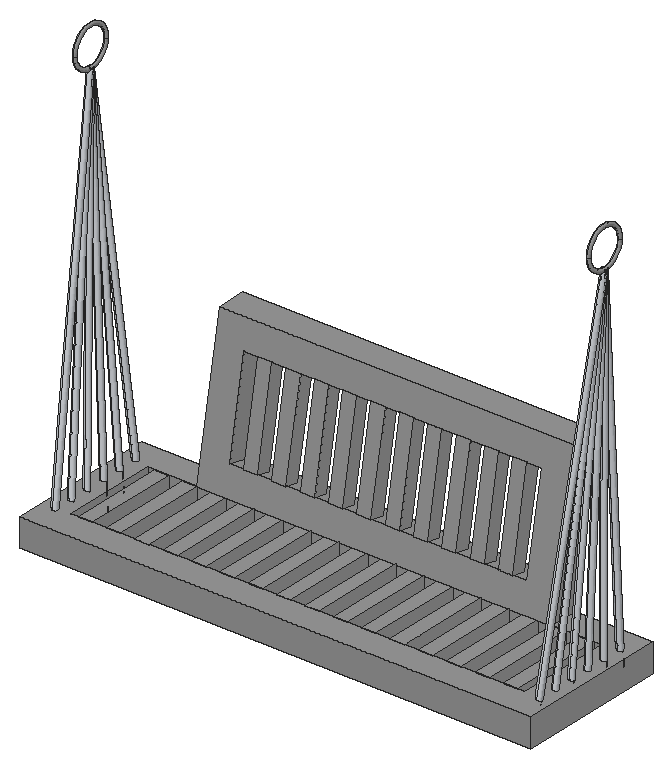
Revit family "Диван-качели садовые «Лиана» Арт 16021", category Антураж, Revit 2018
Family settings
  На основе рабочей плоскости = Нет
  Всегда вертикально = Да
  При загрузке вырезать с полостями = Нет
  Источник визуального образа = Геометрия семейства
  Общий = Нет
  Точка расчета площади = Нет
Parameters (values of type "Диван-качели садовые «Лиана». Версия без матраса и подушек")
  Ширина = 633 mm  # constant formula
  Цвет отделки = Дерево
  Текстиль = none
  С матрасом и подушками = no
  Описание = if(С матрасом и подушками, "Диван-качели садовые «Лиана». Версия с матрасом и подушками", "Диван-качели садовые «Лиана». Версия без матраса и подушек")  # "Диван-качели садовые «Лиана». Версия без матраса и подушек"
  Материал изделия = "Дерево"  # constant formula
  Изображение типоразмера = Диван-качели садовые «Лиана» Арт 16021.jpg
  Изготовитель = "ООО «Хоббика»"  # constant formula
  Длина = 1800 mm  # constant formula
  Группа модели = "Садовая и дачная мебель"  # constant formula
  Высота = 1895 mm  # constant formula
  Без матраса и подушек = not(С матрасом и подушками)  # yes
  Артикул товара = "Арт. 16021"  # constant formula
  URL = "https://hobbyka.ru/product/divankacheli_sadovye_liana/"
Types (3, lengths in mm): name | С матрасом и подушками | Описание | Без матраса и подушек
  (no name) | no | "Диван-качели садовые «Лиана». Версия без матраса и подушек" | yes
  Диван-качели садовые «Лиана». Версия с матрасом и подушками | yes | "Диван-качели садовые «Лиана». Версия с матрасом и подушками" | no
  Диван-качели садовые «Лиана». Версия без матраса и подушек | no | "Диван-качели садовые «Лиана». Версия без матраса и подушек" | yes
Reference planes
  plane 1 "По центру (Вперед/Назад)": y = 0
  plane 2: z = 0
  plane 3 "По центру (Влево/Вправо)": x = 0
  plane 4: y = 633
  plane 5: x = 1800
  plane 6: z = 1895
Forms (mm)
  Extrusion 1, solid, material "Дерево" <- "Цвет отделки"
    sketch origin (0, 0, 0) x (1, 0, 0) y (0, 1, 0)
      loop
        line (0, 536.551) -> (0, 0) -> (1800, 0) -> (1800, 536.551) -> (0, 536.551)
      loop
        line (100, 436.551) -> (100, 100) -> (1700, 100) -> (1700, 436.551) -> (100, 436.551)
    from 450 to 550
  Extrusion 2, solid, material "Дерево" <- "Цвет отделки"
    sketch origin (0, 0, 0) x (1, 0, 0) y (0, 1, 0)
      loop
        line (125, 436.551) -> (125, 100) -> (175, 100) -> (175, 436.551) -> (125, 436.551)
      loop
        line (225, 436.551) -> (225, 100) -> (275, 100) -> (275, 436.551) -> (225, 436.551)
      loop
        line (325, 436.551) -> (325, 100) -> (375, 100) -> (375, 436.551) -> (325, 436.551)
      loop
        line (425, 436.551) -> (425, 100) -> (475, 100) -> (475, 436.551) -> (425, 436.551)
      loop
        line (525, 436.551) -> (525, 100) -> (575, 100) -> (575, 436.551) -> (525, 436.551)
      loop
        line (625, 436.551) -> (625, 100) -> (675, 100) -> (675, 436.551) -> (625, 436.551)
      loop
        line (725, 436.551) -> (725, 100) -> (775, 100) -> (775, 436.551) -> (725, 436.551)
      loop
        line (825, 436.551) -> (825, 100) -> (875, 100) -> (875, 436.551) -> (825, 436.551)
      loop
        line (925, 436.551) -> (925, 100) -> (975, 100) -> (975, 436.551) -> (925, 436.551)
      loop
        line (1025, 436.551) -> (1025, 100) -> (1075, 100) -> (1075, 436.551) -> (1025, 436.551)
      loop
        line (1125, 436.551) -> (1125, 100) -> (1175, 100) -> (1175, 436.551) -> (1125, 436.551)
      loop
        line (1225, 436.551) -> (1225, 100) -> (1275, 100) -> (1275, 436.551) -> (1225, 436.551)
      loop
        line (1325, 436.551) -> (1325, 100) -> (1375, 100) -> (1375, 436.551) -> (1325, 436.551)
      loop
        line (1425, 436.551) -> (1425, 100) -> (1475, 100) -> (1475, 436.551) -> (1425, 436.551)
      loop
        line (1525, 436.551) -> (1525, 100) -> (1575, 100) -> (1575, 436.551) -> (1525, 436.551)
      loop
        line (1625, 436.551) -> (1625, 100) -> (1675, 100) -> (1675, 436.551) -> (1625, 436.551)
    from 450 to 550
  Extrusion 3, solid, material "Дерево" <- "Цвет отделки"
    sketch origin (0, 0, 0) x (0, 1, 0) y (0, 0, 1)
      loop
        line (636.551, 1076) -> (534.76, 1076) -> (434.76, 550) -> (536.551, 550) -> (636.551, 1076)
    from 275 to 1525
  Sweep 4, solid, material "Хром"
    path origin (0, 0, 550) x (0, 1, 0) y (0, 0, 1)
      loop
        circle (316.5, 1345) r 75
    profile origin (0, 316.5, 1970) x (0, 0, -1) y (1, 0, 0)
      loop
        circle (6, -6) r 6
  Extrusion 5, solid, material "Хром"
    sketch origin (0, 0, 0) x (1, 0, 0) y (0, 1, 0)
      loop
        circle (50, 76.65) r 20
      loop
        circle (50, 153.3) r 20
      loop
        circle (50, 229.95) r 20
      loop
        circle (50, 306.6) r 20
      loop
        circle (50, 383.251) r 20
      loop
        circle (50, 459.901) r 20
      loop
        circle (1750, 76.65) r 20
      loop
        circle (1750, 153.3) r 20
      loop
        circle (1750, 229.95) r 20
      loop
        circle (1750, 306.6) r 20
      loop
        circle (1750, 383.251) r 20
      loop
        circle (1750, 459.901) r 20
    from 425 to 450
  Sweep 6, solid
    path origin (68.261, 0, -1.655) x (0, 1, 0) y (-0.04049, 0, 0.99918)
      loop
        line (459.901, 450) -> (316.5, 1832)
    profile origin (22.063, 388.2, 1138.409) x (0.004179, -0.99466, -0.103124) y (0.99918, 0, 0.04049)
      loop
        circle (0, 0) r 10
  Sweep 7, solid
    path origin (68.261, 0, -1.655) x (0, 1, 0) y (-0.04049, 0, 0.99918)
      loop
        line (383.251, 450) -> (316.5, 1832)
    profile origin (22.063, 349.875, 1138.409) x (0.001953, -0.998836, -0.048204) y (0.99918, 0, 0.04049)
      loop
        circle (0, 0) r 10
  Sweep 8, solid
    path origin (68.261, 0, -1.655) x (0, 1, 0) y (-0.04049, 0, 0.99918)
      loop
        line (316.5, 1832) -> (306.6, 450)
    profile origin (22.063, 311.55, 1138.409) x (0.00029, 0.999974, -0.007157) y (0.99918, 0, 0.04049)
      loop
        circle (0, 0) r 10
  Sweep 9, solid
    path origin (68.261, 0, -1.655) x (0, 1, 0) y (-0.04049, 0, 0.99918)
      loop
        line (229.95, 450) -> (316.5, 1832)
    profile origin (22.063, 273.225, 1138.409) x (-0.002531, -0.998045, 0.062453) y (0.99918, 0, 0.04049)
      loop
        circle (0, 0) r 10
  Sweep 10, solid
    path origin (68.261, 0, -1.655) x (0, 1, 0) y (-0.04049, 0, 0.99918)
      loop
        line (316.5, 1832) -> (153.3, 450)
    profile origin (22.063, 234.9, 1138.409) x (0.004748, 0.9931, -0.117179) y (0.99918, 0, 0.04049)
      loop
        circle (0, 0) r 10
  Sweep 11, solid
    path origin (68.261, 0, -1.655) x (0, 1, 0) y (-0.04049, 0, 0.99918)
      loop
        line (76.65, 450) -> (316.5, 1832)
    profile origin (22.063, 196.575, 1138.409) x (-0.006924, -0.985272, 0.170856) y (0.99918, 0, 0.04049)
      loop
        circle (0, 0) r 10
  Sweep 12, solid, material "Хром"
    path origin (1800, 0, 550) x (0, 1, 0) y (0, 0, -1)
      loop
        circle (316.5, -1345) r 75
    profile origin (1800, 316.5, 1970) x (0, 0, 1) y (-1, 0, 0)
      loop
        circle (-6, -6) r 6
  Sweep 13, solid
    path origin (1731.739, 0, -1.655) x (0, 1, 0) y (-0.04049, 0, -0.99918)
      loop
        line (459.901, -450) -> (316.5, -1832)
    profile origin (1777.937, 388.2, 1138.409) x (0.004179, 0.99466, 0.103124) y (-0.99918, 0, 0.04049)
      loop
        circle (0, 0) r 10
  Sweep 14, solid
    path origin (1731.739, 0, -1.655) x (0, 1, 0) y (-0.04049, 0, -0.99918)
      loop
        line (383.251, -450) -> (316.5, -1832)
    profile origin (1777.937, 349.875, 1138.409) x (0.001953, 0.998836, 0.048204) y (-0.99918, 0, 0.04049)
      loop
        circle (0, 0) r 10
  Sweep 15, solid
    path origin (1731.739, 0, -1.655) x (0, 1, 0) y (-0.04049, 0, -0.99918)
      loop
        line (316.5, -1832) -> (306.6, -450)
    profile origin (1777.937, 311.55, 1138.409) x (0.00029, -0.999974, 0.007157) y (-0.99918, 0, 0.04049)
      loop
        circle (0, 0) r 10
  Sweep 16, solid
    path origin (1731.739, 0, -1.655) x (0, 1, 0) y (-0.04049, 0, -0.99918)
      loop
        line (229.95, -450) -> (316.5, -1832)
    profile origin (1777.937, 273.225, 1138.409) x (-0.002531, 0.998045, -0.062453) y (-0.99918, 0, 0.04049)
      loop
        circle (0, 0) r 10
  Sweep 17, solid
    path origin (1731.739, 0, -1.655) x (0, 1, 0) y (-0.04049, 0, -0.99918)
      loop
        line (316.5, -1832) -> (153.3, -450)
    profile origin (1777.937, 234.9, 1138.409) x (0.004748, -0.9931, 0.117179) y (-0.99918, 0, 0.04049)
      loop
        circle (0, 0) r 10
  Sweep 18, solid
    path origin (1731.739, 0, -1.655) x (0, 1, 0) y (-0.04049, 0, -0.99918)
      loop
        line (76.65, -450) -> (316.5, -1832)
    profile origin (1777.937, 196.575, 1138.409) x (-0.006924, 0.985272, -0.170856) y (-0.99918, 0, 0.04049)
      loop
        circle (0, 0) r 10
  Extrusion 19, void
    sketch origin (0, 534.76, 1076) x (0, 0.186769, 0.982404) y (1, 0, 0)
      loop
        line (-100, 1425) -> (-435.421, 1425) -> (-435.421, 375) -> (-100, 375) -> (-100, 1425)
    from 0 to 250
  Extrusion 20, solid, material "Дерево" <- "Цвет отделки"
    sketch origin (0, 534.76, 1076) x (0, -0.186769, -0.982404) y (1, 0, 0)
      loop
        line (100, 425) -> (435.421, 425) -> (435.421, 475) -> (100, 475) -> (100, 425)
      loop
        line (100, 525) -> (435.421, 525) -> (435.421, 575) -> (100, 575) -> (100, 525)
      loop
        line (100, 625) -> (435.421, 625) -> (435.421, 675) -> (100, 675) -> (100, 625)
      loop
        line (100, 725) -> (435.421, 725) -> (435.421, 775) -> (100, 775) -> (100, 725)
      loop
        line (100, 825) -> (435.421, 825) -> (435.421, 875) -> (100, 875) -> (100, 825)
      loop
        line (100, 925) -> (435.421, 925) -> (435.421, 975) -> (100, 975) -> (100, 925)
      loop
        line (100, 1025) -> (435.421, 1025) -> (435.421, 1075) -> (100, 1075) -> (100, 1025)
      loop
        line (100, 1125) -> (435.421, 1125) -> (435.421, 1175) -> (100, 1175) -> (100, 1125)
      loop
        line (100, 1225) -> (435.421, 1225) -> (435.421, 1275) -> (100, 1275) -> (100, 1225)
      loop
        line (100, 1325) -> (435.421, 1325) -> (435.421, 1375) -> (100, 1375) -> (100, 1325)
    from 0 to -50
Cuts and joins
  Extrusion 19 cuts Extrusion 3
Dimensions and locks
  "Ширина": plane 4 to plane 1 "По центру (Вперед/Назад)"
  "Длина": plane 3 "По центру (Влево/Вправо)" to plane 5
  "Высота": plane 6 to plane 2
  aligned and locked: level to plane 2
Automatic sketch dimensions
  plane 1 "По центру (Вперед/Назад)" to Extrusion 1 sketch curve = 0 mm
  Extrusion 1 sketch curve to plane 3 "По центру (Влево/Вправо)" = 0 mm
  Extrusion 1 sketch curve to plane 5 = 0 mm
  plane 3 "По центру (Влево/Вправо)" to Extrusion 1 sketch curve = 100 mm
  Extrusion 1 sketch curve to plane 5 = 100 mm
  Extrusion 1 sketch curve to plane 1 "По центру (Вперед/Назад)" = 100 mm
  Extrusion 1 sketch curve to plane 4 = 196.449 mm
  Extrusion 1 sketch curve to plane 4 = 96.449 mm
  plane 3 "По центру (Влево/Вправо)" to Extrusion 2 sketch curve = 125 mm
  Extrusion 2 sketch curve to Extrusion 2 sketch curve = 50 mm  (x31)
  Extrusion 2 sketch curve to plane 1 "По центру (Вперед/Назад)" = 100 mm  (x2)
  Extrusion 2 sketch curve to Extrusion 2 sketch curve = 0 mm  (x29)
  Extrusion 2 sketch curve to plane 4 = 196.449 mm
  Extrusion 3 sketch curve to plane 4 = 198.24 mm
  Extrusion 3 sketch curve to plane 4 = 98.24 mm
  Extrusion 3 sketch curve to plane 4 = 96.449 mm
  plane 4 to Extrusion 3 sketch curve = 3.551 mm
  level to Extrusion 3 sketch curve = 550 mm
  Extrusion 3 sketch curve to Extrusion 3 sketch curve = 526 mm
  Sweep 4 sketch curve to plane 1 "По центру (Вперед/Назад)" = 316.5 mm
  Sweep 4 sketch curve to plane 6 = 0 mm
  Sweep 4 sketch curve to profile plane = 6 mm
  Sweep 4 sketch curve to plane 3 "По центру (Влево/Вправо)" = 6 mm
  plane 3 "По центру (Влево/Вправо)" to Extrusion 5 sketch curve = 50 mm  (x6)
  Extrusion 5 sketch curve to plane 5 = 50 mm  (x6)
  Extrusion 5 sketch curve to plane 1 "По центру (Вперед/Назад)" = 76.65 mm  (x2)
  Extrusion 5 sketch curve to Extrusion 5 sketch curve = 76.65 mm  (x10)
  Sweep 6 sketch curve to plane 1 "По центру (Вперед/Назад)" = 316.5 mm
  Sweep 6 sketch curve to plane 4 = 173.099 mm
  Sweep 6 sketch curve to Sweep 6 sketch curve = 1382 mm
  Sweep 6 sketch curve to profile plane = 0 mm  (x2)
  Sweep 7 sketch curve to plane 1 "По центру (Вперед/Назад)" = 316.5 mm
  Sweep 7 sketch curve to plane 4 = 249.749 mm
  Sweep 7 sketch curve to Sweep 7 sketch curve = 1382 mm
  Sweep 7 sketch curve to profile plane = 0 mm  (x2)
  Sweep 8 sketch curve to plane 1 "По центру (Вперед/Назад)" = 306.6 mm
  Sweep 8 sketch curve to plane 1 "По центру (Вперед/Назад)" = 316.5 mm
  Sweep 8 sketch curve to Sweep 8 sketch curve = 1382 mm
  Sweep 8 sketch curve to profile plane = 0 mm  (x2)
  Sweep 9 sketch curve to plane 1 "По центру (Вперед/Назад)" = 229.95 mm
  Sweep 9 sketch curve to plane 1 "По центру (Вперед/Назад)" = 316.5 mm
  Sweep 9 sketch curve to Sweep 9 sketch curve = 1382 mm
  Sweep 9 sketch curve to profile plane = 0 mm
  profile plane to Sweep 9 sketch curve = 0 mm
  Sweep 10 sketch curve to plane 1 "По центру (Вперед/Назад)" = 153.3 mm
  Sweep 10 sketch curve to plane 1 "По центру (Вперед/Назад)" = 316.5 mm
  Sweep 10 sketch curve to Sweep 10 sketch curve = 1382 mm
  Sweep 10 sketch curve to profile plane = 0 mm  (x2)
  Sweep 11 sketch curve to plane 1 "По центру (Вперед/Назад)" = 76.65 mm
  Sweep 11 sketch curve to plane 1 "По центру (Вперед/Назад)" = 316.5 mm
  Sweep 11 sketch curve to Sweep 11 sketch curve = 1382 mm
  Sweep 11 sketch curve to profile plane = 0 mm
  profile plane to Sweep 11 sketch curve = 0 mm
  Sweep 12 sketch curve to plane 1 "По центру (Вперед/Назад)" = 316.5 mm
  Sweep 12 sketch curve to plane 6 = 0 mm
  profile plane to Sweep 12 sketch curve = 6 mm
  Sweep 12 sketch curve to profile plane = 6 mm
  Sweep 13 sketch curve to plane 1 "По центру (Вперед/Назад)" = 316.5 mm
  Sweep 13 sketch curve to plane 4 = 173.099 mm
  Sweep 13 sketch curve to Sweep 13 sketch curve = 1382 mm
  profile plane to Sweep 13 sketch curve = 0 mm
  Sweep 13 sketch curve to profile plane = 0 mm
  Sweep 14 sketch curve to plane 1 "По центру (Вперед/Назад)" = 316.5 mm
  Sweep 14 sketch curve to plane 4 = 249.749 mm
  Sweep 14 sketch curve to Sweep 14 sketch curve = 1382 mm
  profile plane to Sweep 14 sketch curve = 0 mm
  Sweep 14 sketch curve to profile plane = 0 mm
  Sweep 15 sketch curve to plane 1 "По центру (Вперед/Назад)" = 306.6 mm
  Sweep 15 sketch curve to plane 1 "По центру (Вперед/Назад)" = 316.5 mm
  Sweep 15 sketch curve to Sweep 15 sketch curve = 1382 mm
  profile plane to Sweep 15 sketch curve = 0 mm
  Sweep 15 sketch curve to profile plane = 0 mm
  Sweep 16 sketch curve to plane 1 "По центру (Вперед/Назад)" = 229.95 mm
  Sweep 16 sketch curve to plane 1 "По центру (Вперед/Назад)" = 316.5 mm
  Sweep 16 sketch curve to Sweep 16 sketch curve = 1382 mm
  profile plane to Sweep 16 sketch curve = 0 mm  (x2)
  Sweep 17 sketch curve to plane 1 "По центру (Вперед/Назад)" = 153.3 mm
  Sweep 17 sketch curve to plane 1 "По центру (Вперед/Назад)" = 316.5 mm
  Sweep 17 sketch curve to Sweep 17 sketch curve = 1382 mm
  profile plane to Sweep 17 sketch curve = 0 mm
  Sweep 17 sketch curve to profile plane = 0 mm
  Sweep 18 sketch curve to plane 1 "По центру (Вперед/Назад)" = 76.65 mm
  Sweep 18 sketch curve to plane 1 "По центру (Вперед/Назад)" = 316.5 mm
  Sweep 18 sketch curve to Sweep 18 sketch curve = 1382 mm
  profile plane to Sweep 18 sketch curve = 0 mm  (x2)
  Extrusion 19 sketch curve to Extrusion 3 = 100 mm  (x2)
  Extrusion 3 to Extrusion 19 sketch curve = 100 mm  (x2)
  Extrusion 20 sketch curve to Extrusion 3 = 100 mm  (x3)
  Extrusion 20 sketch curve to Extrusion 20 sketch curve = 0 mm  (x17)
  Extrusion 3 to Extrusion 20 sketch curve = 150 mm
  Extrusion 20 sketch curve to Extrusion 20 sketch curve = 50 mm  (x19)
  radius of Sweep 4 sketch curve = 75 mm
  radius of Sweep 4 sketch curve = 6 mm
  radius of Extrusion 5 sketch curve = 20 mm  (x12)
  radius of Sweep 6 sketch curve = 10 mm
  radius of Sweep 7 sketch curve = 10 mm
  radius of Sweep 8 sketch curve = 10 mm
  radius of Sweep 9 sketch curve = 10 mm
  radius of Sweep 10 sketch curve = 10 mm
  radius of Sweep 11 sketch curve = 10 mm
  radius of Sweep 12 sketch curve = 75 mm
  radius of Sweep 12 sketch curve = 6 mm
  radius of Sweep 13 sketch curve = 10 mm
  radius of Sweep 14 sketch curve = 10 mm
  radius of Sweep 15 sketch curve = 10 mm
  radius of Sweep 16 sketch curve = 10 mm
  radius of Sweep 17 sketch curve = 10 mm
  radius of Sweep 18 sketch curve = 10 mm
Nested families
  nested 1: "Пергола «Параллель» 2 Арт 15935 Элемент дивана" at (100, 0, 550), visible <- "С матрасом и подушками", type "Пергола «Параллель» 2 Арт 15935 Элемент дивана"
    with Ширина 435 mm, Длина 1600 mm, Высота H 75 mm
  nested 2: "Пергола «Параллель» 2 Арт 15935 Элемент дивана" at (1672.5, 0, 625), visible <- "С матрасом и подушками", type "Пергола «Параллель» 2 Арт 15935 Элемент дивана"
    with Ширина 435 mm, Длина 75 mm, Высота H 250 mm
  nested 3: "Пергола «Параллель» 2 Арт 15935 Элемент дивана" at (57.744, 0, 627.924), visible <- "С матрасом и подушками", type "Пергола «Параллель» 2 Арт 15935 Элемент дивана"
    with Ширина 435 mm, Длина 75 mm, Высота H 250 mm
  nested 4: "Пергола «Параллель» 2 Арт 15935 Элемент дивана" at (142.744, 360.5, 627.924), visible <- "С матрасом и подушками", type "Пергола «Параллель» 2 Арт 15935 Элемент дивана"
    with Ширина 75 mm, Длина 500 mm, Высота H 250 mm
  nested 5: "Пергола «Параллель» 2 Арт 15935 Элемент дивана" at (657.744, 360.5, 627.924), visible <- "С матрасом и подушками", type "Пергола «Параллель» 2 Арт 15935 Элемент дивана"
    with Ширина 75 mm, Длина 500 mm, Высота H 250 mm
  nested 6: "Пергола «Параллель» 2 Арт 15935 Элемент дивана" at (1167.744, 360.5, 627.924), visible <- "С матрасом и подушками", type "Пергола «Параллель» 2 Арт 15935 Элемент дивана"
    with Ширина 75 mm, Длина 500 mm, Высота H 250 mm
Definition of nested family "Пергола «Параллель» 2 Арт 15935 Элемент дивана"
  Parameters (values of type "Пергола «Параллель» 2 Арт 15935 Элемент дивана")
    Ширина [instance] = 500 mm
    Цвет дивана = none
    Длина [instance] = 500 mm
    Height = 500 mm
    Высота H [instance] = 500 mm
  Reference planes
    plane 1 "По центру (Вперед/Назад)": y = 0
    plane 2: z = 0
    plane 3 "По центру (Влево/Вправо)": x = 0
    plane 4: y = 500
    plane 5: x = 500
    plane 6: z = 500
  Forms (mm)
    Extrusion 1, solid, material <- "Цвет дивана"
      sketch origin (0, 0, 0) x (1, 0, 0) y (0, 1, 0)
        loop
          line (0, 500) -> (0, 0) -> (500, 0) -> (500, 500) -> (0, 500)
      from 0 to 500
    Sweep 2, void
      path origin (0, 0, 0) x (1, 0, 0) y (0, 1, 0)
        loop
          line (0, 500) -> (0, 0) -> (500, 0) -> (500, 500) -> (0, 500)
      profile origin (250, 500, 0) x (0, 1, 0) y (0, 0, 1)
        loop
          line (0, 500) -> (-20, 500)
          arc (-20, 500) -> (-5.858, 494.142) -> (0, 480) r 20
          line (0, 480) -> (0, 500)
        loop
          line (0, 0) -> (0, 20)
          arc (0, 20) -> (-5.858, 5.858) -> (-20, 0) r 20
          line (-20, 0) -> (0, 0)
    Sweep 3, void
      path origin (0, 0, 0) x (0, 1, 0) y (0, 0, 1)
        loop
          line (500, 500) -> (500, 0)
      profile origin (0, 500, 250) x (1, 0, 0) y (0, 1, 0)
        loop
          line (0, 0) -> (0, -20)
          arc (0, -20) -> (5.858, -5.858) -> (20, 0) r 20
          line (20, 0) -> (0, 0)
        loop
          line (500, 0) -> (480, 0)
          arc (480, 0) -> (494.142, -5.858) -> (500, -20) r 20
          line (500, -20) -> (500, 0)
        loop
          line (0, -500) -> (20, -500)
          arc (20, -500) -> (5.858, -494.142) -> (0, -480) r 20
          line (0, -480) -> (0, -500)
        loop
          line (500, -500) -> (500, -480)
          arc (500, -480) -> (494.142, -494.142) -> (480, -500) r 20
          line (480, -500) -> (500, -500)
  Cuts and joins
    Sweep 2, Sweep 3 cuts Extrusion 1
  Dimensions and locks
    "Длина": plane 3 "По центру (Влево/Вправо)" to plane 5
    "Ширина": plane 4 to plane 1 "По центру (Вперед/Назад)"
    "Высота H": plane 6 to level
    aligned and locked: level to plane 2
    aligned and locked: Extrusion 1 sketch curve to plane 4
    aligned and locked: plane 3 "По центру (Влево/Вправо)" to Extrusion 1 sketch curve
    aligned and locked: Extrusion 1 sketch curve to plane 1 "По центру (Вперед/Назад)"
    aligned and locked: Extrusion 1 sketch curve to plane 5
    aligned and locked: Sweep 2 sketch curve to Extrusion 1  (x4)
    aligned and locked: plane 6 to Extrusion 1
    aligned and locked: Sweep 2 sketch curve to plane 6
    aligned and locked: plane 4 to Sweep 3 sketch curve  (x2)
    aligned and locked: plane 6 to Sweep 3 sketch curve
    aligned and locked: level to Sweep 3 sketch curve
    aligned and locked: profile plane to Sweep 3 sketch curve
    aligned and locked: plane 3 "По центру (Влево/Вправо)" to Sweep 3 sketch curve
    aligned and locked: plane 5 to Sweep 3 sketch curve
    aligned and locked: plane 1 "По центру (Вперед/Назад)" to Sweep 3 sketch curve
    aligned and locked: Sweep 3 sketch curve to plane 3 "По центру (Влево/Вправо)"
    aligned and locked: Sweep 3 sketch curve to plane 5
    aligned and locked: Sweep 3 sketch curve to plane 1 "По центру (Вперед/Назад)"
  Automatic sketch dimensions
    Sweep 2 sketch curve to level = 0 mm
    Sweep 2 sketch curve to profile plane = 0 mm  (x2)
    level to Sweep 2 sketch curve = 20 mm
    Sweep 2 sketch curve to Sweep 2 sketch curve = 20 mm
    plane 3 "По центру (Влево/Вправо)" to Sweep 3 sketch curve = 20 mm
    Sweep 3 sketch curve to Sweep 3 sketch curve = 20 mm  (x2)
    Sweep 3 sketch curve to Sweep 3 sketch curve = 0 mm
